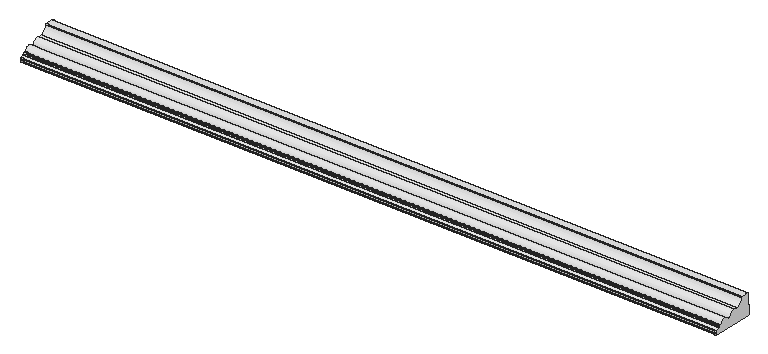
Revit family "13-MOULDING-CADS-151-PCBIMPERIALRAKEMOULD-4-REVIT_Versatex-Generic-Model-IMPERIAL-RAKE-MOULDING", category Generic Models, host Face, Revit 2026
Family settings
  Host = Face
  Can host rebar = No
  Round Connector Dimension = Use Diameter
  Part Type = Normal
  Cut with Voids When Loaded = No
  Maintain Annotation Orientation = No
  Shared = No
  Room Calculation Point = No
Parameters
  Model = "PCBIMPERIALRAKEMOULD"
  Length = 4' - 0"
  Warranty = "https://versatex.com/warranty/"
  URL = "https://versatex.com/"
  Specification = "https://www.arcat.com/company/versatex-45716/spec?coid=45716"
  Sales Information = "https://versatex.com/dealer-locator/"
  Message Manufacturer = "https://versatex.com/contact/"
  Material = Versatex PVC - Smooth
  Manufacturer Website = "https://versatex.com/"
  Manufacturer Phone = "724-857-1111"
  Manufacturer Fax = "724-857-1171"
  Manufacturer Address = "400 Steel Street, Aliquippa, PA 15001"
  Manufacturer = "Versatex"
  Literature = "https://versatex.com/literature/?_sft_literature_category=cads"
  Description = "IMPERIAL RAKE MOULDING"
  Default Elevation = 4' - 0"
  Copyright = "© 2024 VERSATEX Building Products, LLC"
Reference planes (in)
  plane 1 "Center (Front/Back)": y = 0
  plane 2: z = 0
  plane 3 "Center (Left/Right)": x = 0
  plane 4: x = 24
  plane 5: x = -24
Forms (in)
  Sweep 1, solid, material "Versatex PVC - Smooth" <- "Material"
    path origin (0, 0, 0) x (1, 0, 0) y (0, 1, 0)
      loop
        line (-24, 0) -> (24, 0)
    profile "Versatex_Profile_IMPERIAL RAKE MOULDING : Versatex_Profile_IMPERIAL RAKE MOULDING" origin (0, 0, 0) x (0, 1, 0) y (0, 0, 1)
      loop
        line (0.0375, 0) -> (2.71083, 0)
        arc (2.71083, 0) -> (2.73735, 0.01098) -> (2.74833, 0.0375) r 0.0375
        line (2.74833, 0.0375) -> (2.74833, 1.3425)
        arc (2.74833, 1.3425) -> (2.73735, 1.36902) -> (2.71083, 1.38) r 0.0375
        line (2.71083, 1.38) -> (2.23167, 1.38)
        arc (2.23167, 1.38) -> (2.20651, 1.36953) -> (2.19507, 1.34479) r 0.03752
        arc (2.19507, 1.34479) -> (2.06132, 1.06985) -> (1.81167, 0.89333) r 0.61477
        line (1.81167, 0.89333) -> (1.60667, 0.86667)
        arc (1.60667, 0.86667) -> (1.30118, 0.77954) -> (1.12179, 0.51738) r 0.46778
        arc (1.12179, 0.51738) -> (1.07698, 0.49669) -> (1.03217, 0.51738) r 0.05886
        arc (1.03217, 0.51738) -> (0.69883, 0.69065) -> (0.42021, 0.43866) r 0.32916
        arc (0.42021, 0.43866) -> (0.40838, 0.4179) -> (0.38583, 0.41) r 0.0341
        line (0.38583, 0.41) -> (0.32417, 0.41)
        arc (0.32417, 0.41) -> (0.30396, 0.40409) -> (0.29, 0.38833) r 0.03801
        line (0.29, 0.38833) -> (0.25333, 0.31167)
        arc (0.25333, 0.31167) -> (0.15927, 0.23484) -> (0.03996, 0.21219) r 0.24674
        arc (0.03996, 0.21219) -> (0.01187, 0.20214) -> (0, 0.17477) r 0.0375
        line (0, 0.17477) -> (0, 0.0375)
        arc (0, 0.0375) -> (0.01098, 0.01098) -> (0.0375, 0) r 0.0375
Dimensions and locks (in)
  "Length": plane 5 to plane 4
  equal spacing: plane 5, plane 3 "Center (Left/Right)", plane 4, locked at 24 each
  aligned and locked: plane 2 to host face
  aligned and locked: level to host face
Automatic sketch dimensions
  host sketch curve to host sketch curve = 8' - 0"  (x2)
  plane 1 "Center (Front/Back)" to Sweep 1 sketch curve = 0' - 0"
  Sweep 1 sketch curve to plane 5 = 0' - 0"
  Sweep 1 sketch curve to plane 4 = 0' - 0"
